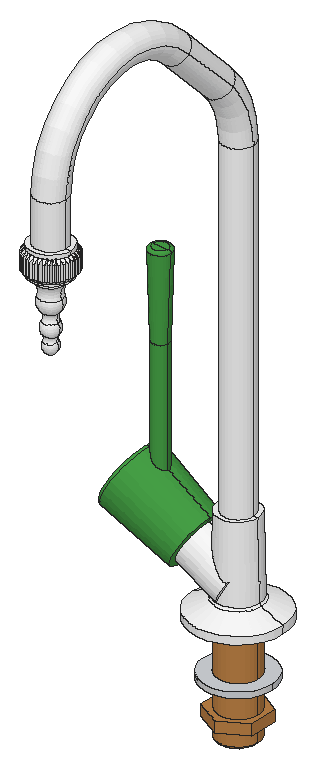
Revit family "Arboles UK - 902101HW-WAWA - Fixed Swan Neck Hot Water Removable Nozzle Lever Action", category Plumbing Fixtures, Revit 2015
Parameters (values of type "902101HW-WAWA")
  Width = "100mm"
  URL = "www.sales@arboles.co.uk"
  Standout = "130mm"
  Spare nozzle = "Pt No 900130"
  Spare headwork = "Pt No 950150"
  Spare Handwheel = "Pt No 190002"
  Shank = "1/2\" BSP x 60mm Long flat ended"
  Pressure = "100PSI"
  Overall height = "325mm"
  Model = "902101HW-WAWA"
  Material = "Brass with Rilsan plastic coated"
  Manufacturer = "Arboles UK Ltd Tel: 01204 388814, Email: sales@arboles.co.uk"
  Description = "Bench mounted removable nozzle swanneck tap, left hand hot water WRAS, Lever Action"
  Depth = "155mm"
  Default Elevation = 1219.2 mm
  Colour = "White RAL 9016"
  Base to nozzle = "200mm"
Types (3, lengths in mm): name | Spare headwork | Spare Handwheel | Model | Description
  (no name) | "Pt No 950150" | "Pt No 190002" | "902101HW-WAWA" | "Bench mounted removable nozzle swanneck tap, left hand hot water WRAS, Lever Action"
  902101HCW-WA | "Pt No 950148" | "Pt No 960200" | "902101HW-WA" | "Bench mounted removable nozzle swanneck tap, left hand hot water WRAS"
  902101HW-WAWA | "Pt No 950150" | "Pt No 190002" | "902101HW-WAWA" | "Bench mounted removable nozzle swanneck tap, left hand hot water WRAS, Lever Action"
Reference planes
  plane 1 "Center (Front/Back)": y = 0
  plane 2: z = 0
  plane 3 "Center (Left/Right)": x = 0
Dimensions and locks
  aligned and locked: level to plane 2
Nested families
  nested 1: "103 base front" at (0, 0, 0) x (-1, 0, 0) z (0, 0, 1), type "103 base front"
  nested 2: "900103 snk left" at (0, 0, 53), type "900103 snk left"
  nested 3: "water shank front" at (0, 0, -60), type "water shank front"
  nested 4: "Rem nut front" at (0, -130, 227.448), type "Rem nut front"
  nested 5: "fixed nozzle front" at (0, -130, 188.177), type "fixed nozzle front"
  nested 6: "WATER BACKNUT PLAN" at (0, 0, -50.832), type "WATER BACKNUT PLAN"
  nested 7: "WAHER WASHER PLAN" at (0, 0, -30), type "WAHER WASHER PLAN"
  nested 8: "Lever front HW" at (-23.146, 0, 9.948), type "Lever front HW"
Definition of nested family "103 base front"
  Reference planes
    plane 1 "Center (Front/Back)": y = 0
    plane 2: z = 0
    plane 3 "Center (Left/Right)": x = 0
  Forms (mm)
    Revolve 1, solid
      sketch origin (0, 0, 0) x (1, 0, 0) y (0, 0, 1)
        loop
          line (0, 0) -> (25, 0) -> (25, 4.106) -> (12.842, 9.613)
          arc (12.842, 9.613) -> (12.213, 10.149) -> (11.968, 10.938) r 1.488
          line (11.968, 10.938) -> (11.112, 53) -> (0, 53) -> (0, 0)
        axis (0, 53) -> (0, 0)
      angle from 0 to 360
    Revolve 2, solid
      sketch origin (0, 0, 0) x (1, 0, 0) y (0, 0, 1)
        loop
          line (0, 17.001) -> (24.282, 31.02) -> (17.779, 42.285) -> (-6.504, 28.266) -> (0, 17.001)
        axis (0, 17.001) -> (24.282, 31.02)
      angle from 0 to 360
  Dimensions and locks
    aligned and locked: level to plane 2
Definition of nested family "900103 snk left"
  Reference planes
    plane 1 "Center (Front/Back)": y = 0
    plane 2: z = 0
    plane 3 "Center (Left/Right)": x = 0
  Forms (mm)
    Sweep 1, solid
      path origin (0, 0, 0) x (0, 1, 0) y (0, 0, 1)
        loop
          line (0, 0) -> (0, 184.289)
          arc (0, 184.289) -> (-3.806, 203.423) -> (-14.645, 219.645) r 50
          line (-14.645, 219.645) -> (-44.645, 249.645)
          arc (-44.645, 249.645) -> (-99.134, 260.483) -> (-130, 214.289) r 50
          line (-130, 214.289) -> (-130, 190)
      profile origin (0, 0, 92.145) x (0, -1, 0) y (1, 0, 0)
        loop
          circle (0, 0) r 8.5
  Dimensions and locks
    aligned and locked: level to plane 2
Definition of nested family "water shank front"
  Reference planes
    plane 1 "Center (Front/Back)": y = 0
    plane 2: z = 0
    plane 3 "Center (Left/Right)": x = 0
  Forms (mm)
    Revolve 1, solid
      sketch origin (0, 0, 0) x (1, 0, 0) y (0, 0, 1)
        loop
          line (0, 20) -> (7.5, 20) -> (7.5, 0) -> (9.847, 0) -> (11, 1.153) -> (11, 60) -> (0, 60) -> (0, 20)
        axis (0, 60) -> (0, 0)
      angle from 0 to 360
  Dimensions and locks
    aligned and locked: level to plane 2
Definition of nested family "Rem nut front"
  Reference planes
    plane 1 "Center (Front/Back)": y = 0
    plane 2: z = 0
    plane 3 "Center (Left/Right)": x = 0
  Forms (mm)
    Revolve 1, solid
      sketch origin (0, 0, 0) x (1, 0, 0) y (0, 0, 1)
        loop
          line (0, 0) -> (11.234, 0) -> (11.234, 1.181) -> (13.384, 3.331) -> (13.384, 11.376) -> (11.234, 13.525) -> (11.234, 15.552) -> (0, 15.552) -> (0, 0)
        axis (0, 15.552) -> (0, 0)
      angle from 0 to 360
    Extrusion 2, void
      sketch origin (0, 0, 0) x (1, 0, 0) y (0, 1, 0)
        loop
          line (0, 11.234) -> (1.394, 14.989) -> (0, 14.989) -> (-1.367, 14.989) -> (0, 11.234)
      from 0 to 15
    Extrusion 3, void
      sketch origin (0, 0, 0) x (0, -1, 0) y (1, 0, 0)
        loop
          line (0, 11.234) -> (1.394, 14.989) -> (0, 14.989) -> (-1.367, 14.989) -> (0, 11.234)
      from 0 to 15
    Extrusion 4, void
      sketch origin (0, 0, 0) x (0.984808, -0.173648, 0) y (0.173648, 0.984808, 0)
        loop
          line (0, 11.234) -> (1.394, 14.989) -> (0, 14.989) -> (-1.367, 14.989) -> (0, 11.234)
      from 0 to 15
    Extrusion 5, void
      sketch origin (0, 0, 0) x (0.939693, -0.34202, 0) y (0.34202, 0.939693, 0)
        loop
          line (0, 11.234) -> (1.394, 14.989) -> (0, 14.989) -> (-1.367, 14.989) -> (0, 11.234)
      from 0 to 15
    Extrusion 6, void
      sketch origin (0, 0, 0) x (0.866025, -0.5, 0) y (0.5, 0.866025, 0)
        loop
          line (0, 11.234) -> (1.394, 14.989) -> (0, 14.989) -> (-1.367, 14.989) -> (0, 11.234)
      from 0 to 15
    Extrusion 7, void
      sketch origin (0, 0, 0) x (0.766044, -0.642788, 0) y (0.642788, 0.766044, 0)
        loop
          line (0, 11.234) -> (1.394, 14.989) -> (0, 14.989) -> (-1.367, 14.989) -> (0, 11.234)
      from 0 to 15
    Extrusion 8, void
      sketch origin (0, 0, 0) x (0.642788, -0.766044, 0) y (0.766044, 0.642788, 0)
        loop
          line (0, 11.234) -> (1.394, 14.989) -> (0, 14.989) -> (-1.367, 14.989) -> (0, 11.234)
      from 0 to 15
    Extrusion 9, void
      sketch origin (0, 0, 0) x (0.5, -0.866025, 0) y (0.866025, 0.5, 0)
        loop
          line (0, 11.234) -> (1.394, 14.989) -> (0, 14.989) -> (-1.367, 14.989) -> (0, 11.234)
      from 0 to 15
    Extrusion 10, void
      sketch origin (0, 0, 0) x (0.34202, -0.939693, 0) y (0.939693, 0.34202, 0)
        loop
          line (0, 11.234) -> (1.394, 14.989) -> (0, 14.989) -> (-1.367, 14.989) -> (0, 11.234)
      from 0 to 15
    Extrusion 11, void
      sketch origin (0, 0, 0) x (0.173648, -0.984808, 0) y (0.984808, 0.173648, 0)
        loop
          line (0, 11.234) -> (1.394, 14.989) -> (0, 14.989) -> (-1.367, 14.989) -> (0, 11.234)
      from 0 to 15
    Extrusion 12, void
      sketch origin (0, 0, 0) x (-1, 0, 0) y (0, -1, 0)
        loop
          line (0, 11.234) -> (1.394, 14.989) -> (0, 14.989) -> (-1.367, 14.989) -> (0, 11.234)
      from 0 to 15
    Extrusion 13, void
      sketch origin (0, 0, 0) x (-0.173648, -0.984808, 0) y (0.984808, -0.173648, 0)
        loop
          line (0, 11.234) -> (1.394, 14.989) -> (0, 14.989) -> (-1.367, 14.989) -> (0, 11.234)
      from 0 to 15
    Extrusion 14, void
      sketch origin (0, 0, 0) x (-0.34202, -0.939693, 0) y (0.939693, -0.34202, 0)
        loop
          line (0, 11.234) -> (1.394, 14.989) -> (0, 14.989) -> (-1.367, 14.989) -> (0, 11.234)
      from 0 to 15
    Extrusion 15, void
      sketch origin (0, 0, 0) x (-0.5, -0.866025, 0) y (0.866025, -0.5, 0)
        loop
          line (0, 11.234) -> (1.394, 14.989) -> (0, 14.989) -> (-1.367, 14.989) -> (0, 11.234)
      from 0 to 15
    Extrusion 16, void
      sketch origin (0, 0, 0) x (-0.642788, -0.766044, 0) y (0.766044, -0.642788, 0)
        loop
          line (0, 11.234) -> (1.394, 14.989) -> (0, 14.989) -> (-1.367, 14.989) -> (0, 11.234)
      from 0 to 15
    Extrusion 17, void
      sketch origin (0, 0, 0) x (-0.766044, -0.642788, 0) y (0.642788, -0.766044, 0)
        loop
          line (0, 11.234) -> (1.394, 14.989) -> (0, 14.989) -> (-1.367, 14.989) -> (0, 11.234)
      from 0 to 15
    Extrusion 18, void
      sketch origin (0, 0, 0) x (-0.866025, -0.5, 0) y (0.5, -0.866025, 0)
        loop
          line (0, 11.234) -> (1.394, 14.989) -> (0, 14.989) -> (-1.367, 14.989) -> (0, 11.234)
      from 0 to 15
    Extrusion 19, void
      sketch origin (0, 0, 0) x (-0.939693, -0.34202, 0) y (0.34202, -0.939693, 0)
        loop
          line (0, 11.234) -> (1.394, 14.989) -> (0, 14.989) -> (-1.367, 14.989) -> (0, 11.234)
      from 0 to 15
    Extrusion 20, void
      sketch origin (0, 0, 0) x (-0.984808, -0.173648, 0) y (0.173648, -0.984808, 0)
        loop
          line (0, 11.234) -> (1.394, 14.989) -> (0, 14.989) -> (-1.367, 14.989) -> (0, 11.234)
      from 0 to 15
    Extrusion 21, void
      sketch origin (0, 0, 0) x (0, 1, 0) y (-1, 0, 0)
        loop
          line (0, 11.234) -> (1.394, 14.989) -> (0, 14.989) -> (-1.367, 14.989) -> (0, 11.234)
      from 0 to 15
    Extrusion 22, void
      sketch origin (0, 0, 0) x (-0.984808, 0.173648, 0) y (-0.173648, -0.984808, 0)
        loop
          line (0, 11.234) -> (1.394, 14.989) -> (0, 14.989) -> (-1.367, 14.989) -> (0, 11.234)
      from 0 to 15
    Extrusion 23, void
      sketch origin (0, 0, 0) x (-0.939693, 0.34202, 0) y (-0.34202, -0.939693, 0)
        loop
          line (0, 11.234) -> (1.394, 14.989) -> (0, 14.989) -> (-1.367, 14.989) -> (0, 11.234)
      from 0 to 15
    Extrusion 24, void
      sketch origin (0, 0, 0) x (-0.866025, 0.5, 0) y (-0.5, -0.866025, 0)
        loop
          line (0, 11.234) -> (1.394, 14.989) -> (0, 14.989) -> (-1.367, 14.989) -> (0, 11.234)
      from 0 to 15
    Extrusion 25, void
      sketch origin (0, 0, 0) x (-0.766044, 0.642788, 0) y (-0.642788, -0.766044, 0)
        loop
          line (0, 11.234) -> (1.394, 14.989) -> (0, 14.989) -> (-1.367, 14.989) -> (0, 11.234)
      from 0 to 15
    Extrusion 26, void
      sketch origin (0, 0, 0) x (-0.642788, 0.766044, 0) y (-0.766044, -0.642788, 0)
        loop
          line (0, 11.234) -> (1.394, 14.989) -> (0, 14.989) -> (-1.367, 14.989) -> (0, 11.234)
      from 0 to 15
    Extrusion 27, void
      sketch origin (0, 0, 0) x (-0.5, 0.866025, 0) y (-0.866025, -0.5, 0)
        loop
          line (0, 11.234) -> (1.394, 14.989) -> (0, 14.989) -> (-1.367, 14.989) -> (0, 11.234)
      from 0 to 15
    Extrusion 28, void
      sketch origin (0, 0, 0) x (-0.34202, 0.939693, 0) y (-0.939693, -0.34202, 0)
        loop
          line (0, 11.234) -> (1.394, 14.989) -> (0, 14.989) -> (-1.367, 14.989) -> (0, 11.234)
      from 0 to 15
    Extrusion 29, void
      sketch origin (0, 0, 0) x (-0.173648, 0.984808, 0) y (-0.984808, -0.173648, 0)
        loop
          line (0, 11.234) -> (1.394, 14.989) -> (0, 14.989) -> (-1.367, 14.989) -> (0, 11.234)
      from 0 to 15
    Extrusion 30, void
      sketch origin (0, 0, 0) x (1, 0, 0) y (0, 1, 0)
        loop
          line (0, 11.234) -> (1.394, 14.989) -> (0, 14.989) -> (-1.367, 14.989) -> (0, 11.234)
      from 0 to 15
    Extrusion 31, void
      sketch origin (0, 0, 0) x (0.173648, 0.984808, 0) y (-0.984808, 0.173648, 0)
        loop
          line (0, 11.234) -> (1.394, 14.989) -> (0, 14.989) -> (-1.367, 14.989) -> (0, 11.234)
      from 0 to 15
    Extrusion 32, void
      sketch origin (0, 0, 0) x (0.34202, 0.939693, 0) y (-0.939693, 0.34202, 0)
        loop
          line (0, 11.234) -> (1.394, 14.989) -> (0, 14.989) -> (-1.367, 14.989) -> (0, 11.234)
      from 0 to 15
    Extrusion 33, void
      sketch origin (0, 0, 0) x (0.5, 0.866025, 0) y (-0.866025, 0.5, 0)
        loop
          line (0, 11.234) -> (1.394, 14.989) -> (0, 14.989) -> (-1.367, 14.989) -> (0, 11.234)
      from 0 to 15
    Extrusion 34, void
      sketch origin (0, 0, 0) x (0.642788, 0.766044, 0) y (-0.766044, 0.642788, 0)
        loop
          line (0, 11.234) -> (1.394, 14.989) -> (0, 14.989) -> (-1.367, 14.989) -> (0, 11.234)
      from 0 to 15
    Extrusion 35, void
      sketch origin (0, 0, 0) x (0.766044, 0.642788, 0) y (-0.642788, 0.766044, 0)
        loop
          line (0, 11.234) -> (1.394, 14.989) -> (0, 14.989) -> (-1.367, 14.989) -> (0, 11.234)
      from 0 to 15
    Extrusion 36, void
      sketch origin (0, 0, 0) x (0.866025, 0.5, 0) y (-0.5, 0.866025, 0)
        loop
          line (0, 11.234) -> (1.394, 14.989) -> (0, 14.989) -> (-1.367, 14.989) -> (0, 11.234)
      from 0 to 15
    Extrusion 37, void
      sketch origin (0, 0, 0) x (0.939693, 0.34202, 0) y (-0.34202, 0.939693, 0)
        loop
          line (0, 11.234) -> (1.394, 14.989) -> (0, 14.989) -> (-1.367, 14.989) -> (0, 11.234)
      from 0 to 15
    Extrusion 38, void
      sketch origin (0, 0, 0) x (0.984808, 0.173648, 0) y (-0.173648, 0.984808, 0)
        loop
          line (0, 11.234) -> (1.394, 14.989) -> (0, 14.989) -> (-1.367, 14.989) -> (0, 11.234)
      from 0 to 15
  Cuts and joins
    Extrusion 2, Extrusion 3, Extrusion 4, Extrusion 5, Extrusion 6, Extrusion 7, Extrusion 8, Extrusion 9, Extrusion 10, Extrusion 11, Extrusion 12, Extrusion 13, Extrusion 14, Extrusion 15, Extrusion 16, Extrusion 17, Extrusion 18, Extrusion 19, Extrusion 20, Extrusion 21, Extrusion 22, Extrusion 23, Extrusion 24, Extrusion 25, Extrusion 26, Extrusion 27, Extrusion 28, Extrusion 29, Extrusion 30, Extrusion 31, Extrusion 32, Extrusion 33, Extrusion 34, Extrusion 35, Extrusion 36, Extrusion 37, Extrusion 38 cuts Revolve 1
  Dimensions and locks
    aligned and locked: level to plane 2
Definition of nested family "fixed nozzle front"
  Reference planes
    plane 1 "Center (Front/Back)": y = 0
    plane 2: z = 0
    plane 3 "Center (Left/Right)": x = 0
  Forms (mm)
    Revolve 1, solid
      sketch origin (0, 0, 0) x (1, 0, 0) y (0, 0, 1)
        loop
          arc (4.525, 21.334) -> (6.372, 24.716) -> (5.979, 28.55) r 6.5
          arc (5.979, 28.55) -> (5.825, 32.462) -> (7.5, 36) r 8.212
          line (7.5, 36) -> (7.5, 39.271) -> (0, 39.271) -> (0, 0) -> (1.514, 0)
          arc (1.514, 0) -> (3.732, 2.609) -> (3.472, 6.023) r 4.5
          arc (3.472, 6.023) -> (3.121, 7.886) -> (3.815, 9.651) r 3.427
          arc (3.815, 9.651) -> (4.95, 12.846) -> (3.995, 16.1) r 5.5
          arc (3.995, 16.1) -> (3.305, 18.814) -> (4.525, 21.334) r 4.084
        axis (0, 39.271) -> (0, 0)
      angle from 0 to 360
  Dimensions and locks
    aligned and locked: level to plane 2
Definition of nested family "WATER BACKNUT PLAN"
  Reference planes
    plane 1 "Center (Front/Back)": y = 0
    plane 2: z = 0
    plane 3 "Center (Left/Right)": x = 0
  Forms (mm)
    Extrusion 1, solid
      sketch origin (0, 0, 0) x (1, 0, 0) y (0, 1, 0)
        loop
          line (14, 8.083) -> (0, 16.166) -> (-14, 8.083) -> (-14, -8.083) -> (0, -16.166) -> (14, -8.083) -> (14, 8.083)
      from 0 to 6
    Extrusion 2, void
      sketch origin (0, 0, 0) x (1, 0, 0) y (0, 1, 0)
        loop
          circle (0, 0) r 10
      from 0 to 6
  Cuts and joins
    Extrusion 2 cuts Extrusion 1
  Dimensions and locks
    aligned and locked: level to plane 2
Definition of nested family "WAHER WASHER PLAN"
  Reference planes
    plane 1 "Center (Front/Back)": y = 0
    plane 2: z = 0
    plane 3 "Center (Left/Right)": x = 0
  Forms (mm)
    Extrusion 1, solid
      sketch origin (0, 0, 0) x (1, 0, 0) y (0, 1, 0)
        loop
          circle (0, 0) r 19
      from 0 to 3
    Extrusion 2, void
      sketch origin (0, 0, 0) x (1, 0, 0) y (0, 1, 0)
        loop
          circle (0, 0) r 11.5
      from 0 to 3
  Cuts and joins
    Extrusion 2 cuts Extrusion 1
  Dimensions and locks
    aligned and locked: level to plane 2
Definition of nested family "Lever front HW"
  Reference planes
    plane 1 "Center (Front/Back)": y = 0
    plane 2: z = 0
    plane 3 "Center (Left/Right)": x = 0
  Forms (mm)
    Revolve 1, solid
      sketch origin (-20.043, 0, 3.471) x (1, 0, 0) y (0, 0, 1)
        loop
          line (0, 45.157) -> (4.36, 45.157) -> (4.36, 108.735) -> (5.938, 153.927)
          arc (5.938, 153.927) -> (5.5, 155.068) -> (4.376, 155.545) r 1.563
          line (4.376, 155.545) -> (0, 155.545) -> (0, 45.157)
        axis (0, 45.157) -> (0, 155.545)
      angle from 0 to 360
    Revolve 2, solid
      sketch origin (0, 0, 0) x (1, 0, 0) y (0, 0, 1)
        loop
          line (0, 20) -> (7.991, 33.841) -> (-26.236, 57.078)
          arc (-26.236, 57.078) -> (-27.526, 57.32) -> (-28.582, 56.54) r 1.643
          line (-28.582, 56.54) -> (-29.042, 55.743) -> (-27.383, 54.786) -> (-35.6, 40.554) -> (0, 20)
        axis (-37.259, 41.511) -> (0, 20)
      angle from 0 to 360
    Extrusion 3, solid
      sketch origin (-35.6, 0, 40.554) x (0.5, 0, 0.866025) y (0, 1, 0)
        loop
          circle (0.226, 0) r 10
      from 0 to 1
    Extrusion 4, solid
      sketch origin (-35.6, 0, 40.554) x (0.5, 0, 0.866025) y (0, 1, 0)
        loop
          circle (0.226, 0) r 5
      from 0 to 2
  Dimensions and locks
    aligned and locked: level to plane 2
